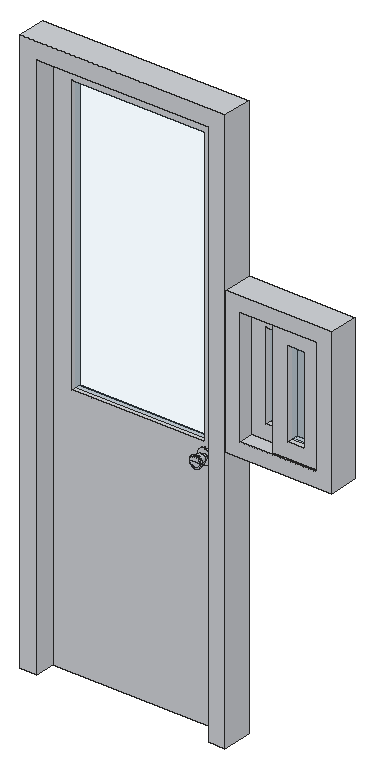
Revit family "D8_鋁門1", category 門, Revit 2014
Parameters (values of type "90 x 210 cm 2")
  玻璃 = 玻璃
  熱阻 (R) = 0.270117 (m²·K)/W
  Visual Light Transmittance = 0
  Solar Heat Gain Coefficient = 0
  營造類型 Id = "MDOOR"
  關鍵註記 = "單開門-矩形"
  傳熱係數 (U) = 3.7021 W/(m²·K)
  功能 = 室內
  門扇材料 = none
  門扇寬度 = Width - 2 * 開門側框寬度  # 750 mm
  門扇厚度 = 40 mm
  Assembly Code = ""
  Rough Height = Height  # 2350 mm
  Rough Width = Width  # 850 mm
  框架深度 = 120 mm
  框擋板寬度 = 門扇厚度 / 2  # 20 mm
  框總寬度 [instance] = 開門側框寬度 + 框擋板寬度  # 70 mm
  Height = 2350 mm
  牆封閉 = 依主體
  框架材料 = none
  開門側框寬度 = 50 mm
  握把五金 = none
  Width = 850 mm
  操作 = "左單開門方向"
  解析營造 = "金屬"
Reference planes
  plane 1: y = -210
  plane 2 "中心 (左/右)": x = 0
  plane 3 "左": x = -425
  plane 4 "右": x = 425
  plane 5: z = 2350
  plane 6 "外部": y = -135
  plane 7 "內部": y = -285
  plane 8: y = 320
  plane 9: y = -740
  plane 10: z = 1050
Forms (mm)
  Sweep 1, solid, material <- "框架材料"
    path origin (-5000, -210, 0) x (-1, 0, 0) y (0, 0, 1)
      loop
        line (-5425, 0) -> (-5425, 2350) -> (-4575, 2350) -> (-4575, 0)
    profile origin (425, -210, 1175) x (1, 0, 0) y (0, 1, 0)
      loop
        line (0, 60) -> (-50, 60) -> (-50, 20) -> (-70, 20) -> (-70, -60) -> (0, -60) -> (0, 60)
  Extrusion 2, solid, material <- "門扇材料"
    sketch origin (-5000, -210, 0) x (1, 0, 0) y (0, 0, 1)
      loop
        line (4625, 2300) -> (4625, 0) -> (5375, 0) -> (5375, 2300) -> (4625, 2300)
      loop
        line (5275, 1050) -> (5275, 2200) -> (4725, 2200) -> (4725, 1050) -> (5275, 1050)
    from -60 to -20
  Extrusion 3, solid, material "玻璃" <- "玻璃"
    sketch origin (-5000, -210, 0) x (1, 0, 0) y (0, 0, 1)
      loop
        line (5275, 2200) -> (4725, 2200) -> (4725, 1050) -> (5275, 1050) -> (5275, 2200)
    from -55 to -35
Lines and regions (mm)
  Opening 1
    outline origin (-3050, -285, 0) x (1, 0, 0) y (0, 0, 1)
      loop
        line (2625, 0) -> (3475, 0) -> (3475, 2350) -> (2625, 2350) -> (2625, 0)
  symbolic lines, style "Doors"
    curve 1: line (-375, -150, 0) -> (-335, -150, 0)
    curve 2: line (-375, 600, 0) -> (-375, -150, 0)
    curve 3: line (-335, 600, 0) -> (-375, 600, 0)
    curve 4: line (-335, -150, 0) -> (-335, 600, 0)
  symbolic lines, style "平面圖打開方向"
    curve 5: arc (375, -150, 0) -> (169.289, 365.994, 0) -> (-335, 598.933, 0) r 750
  symbolic lines, style "DoorsFrameMullionProjection"
    curve 6: line (-375, -150, 0) -> (-425, -150, 0)
    curve 7: line (-375, -270, 0) -> (-375, -150, 0)
    curve 8: line (-425, -270, 0) -> (-375, -270, 0)
    curve 9: line (-425, -150, 0) -> (-425, -270, 0)
    curve 10: line (375, -150, 0) -> (425, -150, 0)
    curve 11: line (375, -270, 0) -> (375, -150, 0)
    curve 12: line (425, -270, 0) -> (375, -270, 0)
    curve 13: line (425, -150, 0) -> (425, -270, 0)
  symbolic lines, style "立面圖打開方向"
    curve 14: line (-425, -285, 1050) -> (425, -285, 0)
    curve 15: line (-425, -135, 1050) -> (425, -135, 2350)
  model lines
    curve 16: line (275, -190, 950) -> (-275, -190, 950)
    curve 17: line (275, -190, 100) -> (275, -190, 950)
    curve 18: line (-275, -190, 100) -> (275, -190, 100)
    curve 19: line (-275, -190, 950) -> (-275, -190, 100)
    curve 20: line (-217.778, -190, 950) -> (-217.778, -190, 100)
    curve 21: line (-160.556, -190, 950) -> (-160.556, -190, 100)
    curve 22: line (-103.333, -190, 950) -> (-103.333, -190, 100)
    curve 23: line (-46.111, -190, 950) -> (-46.111, -190, 100)
    curve 24: line (11.111, -190, 950) -> (11.111, -190, 100)
    curve 25: line (68.333, -190, 950) -> (68.333, -190, 100)
    curve 26: line (125.556, -190, 950) -> (125.556, -190, 100)
    curve 27: line (182.778, -190, 950) -> (182.778, -190, 100)
    curve 28: line (240, -190, 950) -> (240, -190, 100)
    curve 29: line (275, -150, 950) -> (-275, -150, 950)
    curve 30: line (275, -150, 100) -> (275, -150, 950)
    curve 31: line (-275, -150, 100) -> (275, -150, 100)
    curve 32: line (-275, -150, 950) -> (-275, -150, 100)
    curve 33: line (-240, -150, 950) -> (-240, -150, 100)
    curve 34: line (-180, -150, 950) -> (-180, -150, 100)
    curve 35: line (-120, -150, 950) -> (-120, -150, 100)
    curve 36: line (-60, -150, 950) -> (-60, -150, 100)
    curve 37: line (0, -150, 950) -> (0, -150, 100)
    curve 38: line (60, -150, 950) -> (60, -150, 100)
    curve 39: line (120, -150, 950) -> (120, -150, 100)
    curve 40: line (180, -150, 950) -> (180, -150, 100)
    curve 41: line (240, -150, 950) -> (240, -150, 100)
Text (mm)
  text "外部" at (-2295.016, 1099.543, 0), in view "參考樓層"
  text "外部" at (0, 1615.38, 3698.081), in view "左"
  text "外部" at (0, 1036.032, 3874.932), in view "右"
Dimensions and locks
  equal spacing: plane 3 "左", plane 2 "中心 (左/右)", plane 4 "右"
  "Width": plane 3 "左" to plane 4 "右"
  "Height": plane 5 to host wall
  host wall to plane 5 = 2350 mm  (x2)
  locked: plane 6 "外部" to host wall at 0
  locked: plane 7 "內部" to host wall
  equal spacing: Sweep 1 sketch curve, host wall, Sweep 1 sketch curve
  "框架深度": Sweep 1 sketch curve to Sweep 1 sketch curve
  "門扇厚度": Sweep 1 sketch curve to Sweep 1 sketch curve
  "開門側框寬度": Sweep 1 sketch curve to Sweep 1 sketch curve
  "框擋板寬度": Sweep 1 sketch curve to Sweep 1 sketch curve
  "Width": Sweep 1 sketch curve to Sweep 1 sketch curve
  "門扇厚度": curve 2 to curve 4
  "門扇寬度": curve 3 to curve 1
  "開門側框寬度": curve 11 to Sweep 1
  "開門側框寬度": curve 9 to curve 7
  equal spacing: Sweep 1, host wall, Sweep 1  (x2)
  "框架深度": Sweep 1 to Sweep 1  (x2)
  equal spacing: curve 6, plane 1, curve 8
  "框架深度": curve 6 to curve 8
  equal spacing: curve 12, plane 1, curve 10
  "框架深度": curve 12 to curve 10
  locked: nested 2 to Sweep 1 at 75
  locked: nested 1 to Sweep 1 at 75
  equal spacing: plane 8, plane 1, plane 9
  plane 8 to plane 9 = 1060 mm
  "門扇厚度": Extrusion 2 to Extrusion 2
  equal spacing: group 2, group 3, group 4, group 5, group 6, group 7, group 8, group 9, group 10, group 11  (x3)
  "門扇寬度": radius of curve 5
  aligned and locked: plane 3 "左" to Opening 1 sketch curve
  aligned and locked: plane 5 to Opening 1 sketch curve  (x2)
  aligned and locked: Opening 1 sketch curve to plane 4 "右"
  aligned and locked: Opening 1 sketch curve to level
  aligned and locked: plane 1 to host wall
  aligned and locked: Sweep 1 to Extrusion 2 sketch curve
  aligned and locked: Extrusion 2 sketch curve to Sweep 1  (x2)
  aligned and locked: level to Extrusion 2 sketch curve
  aligned and locked: Extrusion 2 to Sweep 1
  aligned and locked: nested 1 to Extrusion 2
  aligned and locked: Extrusion 2 to nested 2
  aligned and locked: plane 4 "右" to curve 15
  aligned and locked: plane 5 to curve 15
  aligned and locked: level to curve 14
  aligned and locked: plane 4 "右" to curve 14
  aligned and locked: plane 10 to curve 15
  aligned and locked: plane 3 "左" to curve 15
  aligned and locked: curve 14 to curve 15
  aligned and locked: plane 10 to Extrusion 2
  aligned and locked: Extrusion 2 to curve 32
  aligned and locked: Extrusion 2 to curve 19
  aligned and locked: nested 5 to Sweep 1
Automatic sketch dimensions
  curve 14 to plane 10 = 0 mm
  plane 4 "右" to Sweep 1 sketch curve = 0 mm
  Sweep 1 sketch curve to plane 5 = 0 mm
  Sweep 1 sketch curve to level = 0 mm  (x2)
  Sweep 1 sketch curve to profile plane = 0 mm
  curve 9 to plane 3 "左" = 0 mm
  curve 13 to plane 4 "右" = 0 mm
  Extrusion 2 sketch curve to plane 10 = 0 mm
  Extrusion 2 sketch curve to plane 3 "左" = 150 mm
  plane 5 to Extrusion 2 sketch curve = 150 mm
  Extrusion 2 sketch curve to Extrusion 2 sketch curve = 100 mm
  Extrusion 3 sketch curve to plane 10 = 0 mm
  Extrusion 3 sketch curve to plane 3 "左" = 150 mm
  plane 5 to Extrusion 3 sketch curve = 150 mm
  plane 4 "右" to Extrusion 3 sketch curve = 150 mm
  Extrusion 2 to curve 18 = 0 mm  (x2)
  curve 18 to Extrusion 2 = 100 mm
  Extrusion 2 to curve 16 = 0 mm
  curve 17 to Extrusion 2 = 100 mm
  plane 4 "右" to curve 31 = 150 mm
  curve 30 to plane 10 = 100 mm
  curve 31 to plane 3 "左" = 150 mm
  curve 29 to plane 3 "左" = 150 mm
  level to curve 30 = 100 mm
Nested families
  nested 1: "喇叭鎖" at (355, -190, 0) x (-1, 0, 0) z (0, 0, 1), type "喇叭鎖"
  nested 2: "喇叭鎖" at (355, -150, 0) x (-1, 0, 0) z (0, 0, 1), type "喇叭鎖"
  nested 3: "喇叭鎖" at (365, 60, 1000), type "喇叭鎖", not visible
  nested 4: "喇叭鎖" at (365, 20, 1000), type "喇叭鎖", not visible
  nested 5: "雙開窗- (1)" at (645, -390, 0) x (-1, 0, 0) z (0, 0, 1), type "44 x 60 cm"
    with Height 600 mm, 預設窗台高度 1100 mm, Rough Height 600 mm, Rough Width 440 mm, Width 440 mm
Definition of nested family "喇叭鎖"
  Parameters (values of type "喇叭鎖")
    Assembly Code = ""
    握把高度 = 1000 mm
    握把與版面側邊距離 = 75 mm
    握把五金 = none
  Reference planes
    plane 1 "中心 (前/後)": y = 0
    plane 2: z = 0
    plane 3 "中心 (左/右)": x = 0
    plane 4: x = 75
  Forms (mm)
    Revolve 1, solid, material <- "握把五金"
      sketch origin (511.236, -60, 1000) x (1, 0, 0) y (0, 1, 0)
        loop
          line (-436.236, 60) -> (-406.236, 60) -> (-406.236, 66) -> (-426.236, 66) -> (-426.236, 85) -> (-417.636, 85) -> (-411.236, 109.7) -> (-411.236, 113.2) -> (-415.736, 115) -> (-436.236, 115) -> (-436.236, 60)
        axis (-436.236, 60) -> (-436.236, 115)
      angle from 0 to 360
  Dimensions and locks
    "握把與版面側邊距離": plane 3 "中心 (左/右)" to plane 4
    "握把高度": Revolve 1 to level
  Automatic sketch dimensions
    plane 3 "中心 (左/右)" to Revolve 1 sketch curve = 75 mm  (x2)
    Revolve 1 sketch curve to plane 1 "中心 (前/後)" = 0 mm
    plane 3 "中心 (左/右)" to Revolve 1 sketch curve = 85 mm
    Revolve 1 sketch curve to Revolve 1 sketch curve = 8.6 mm
    plane 3 "中心 (左/右)" to Revolve 1 sketch curve = 95.5 mm
    Revolve 1 sketch curve to Revolve 1 sketch curve = 4.5 mm
    Revolve 1 sketch curve to Revolve 1 sketch curve = 20 mm
    plane 1 "中心 (前/後)" to Revolve 1 sketch curve = 60 mm
    Revolve 1 sketch curve to Revolve 1 sketch curve = 6 mm
    Revolve 1 sketch curve to Revolve 1 sketch curve = 19 mm
    Revolve 1 sketch curve to Revolve 1 sketch curve = 24.7 mm
    Revolve 1 sketch curve to Revolve 1 sketch curve = 3.5 mm
    Revolve 1 sketch curve to Revolve 1 sketch curve = 1.8 mm
    Revolve 1 sketch curve to Revolve 1 sketch curve = 200 mm
Definition of nested family "雙開窗- (1)"
  Parameters (values of type "100 x 150 cm")
    Visual Light Transmittance = 0.9
    Solar Heat Gain Coefficient = 0.78
    Construction Type Id = ""
    Height = 1500 mm
    Heat Transfer Coefficient (U) = 3.6886 W/(m²·K)
    預設窗台高度 = 900 mm
    Keynote = "雙開窗"
    Rough Height = Height  # 1500 mm
    Rough Width = Width  # 1000 mm
    裝飾外框寬度 = 60 mm
    玻璃材質 = none
    Wall Closure = (empty or 0)
    裝飾外框材料 = none
    裝飾外框厚度 = 120 mm
    Width = 1000 mm
    Operation = "垂直雙重面板"
    內部框架材料 = none
    內框寬度 = 60 mm
    內框厚度 = 50 mm
    Analytic Construction = (empty or 0)
  Reference planes
    plane 1: y = -180
    plane 2 "中心 (左/右)": x = 0
    plane 3 "左": x = -500
    plane 4 "右": x = 500
    plane 5 "窗台": z = 900
    plane 6 "窗頂": z = 2400
    plane 7 "外部": y = -105
    plane 8 "內部": y = -255
    plane 9: x = -30
    plane 10: x = 30
    plane 11: y = -120
    plane 12: y = -240
    plane 13: x = -440
    plane 14: x = 440
    plane 15: z = 2340
    plane 16: z = 960
  Forms (mm)
    Extrusion 1, solid, material <- "裝飾外框材料"
      sketch origin (0, -180, 0) x (1, 0, 0) y (0, 0, 1)
        loop
          line (-500, 2400) -> (-500, 900) -> (500, 900) -> (500, 2400) -> (-500, 2400)
        loop
          line (-440, 2340) -> (-440, 960) -> (440, 960) -> (440, 2340) -> (-440, 2340)
      from 60 to -60
  Lines and regions (mm)
    Opening 1
      outline origin (3442.648, -255, 0) x (1, 0, 0) y (0, 0, 1)
        loop
          line (-2942.648, 900) -> (-2942.648, 2400) -> (-3942.648, 2400) -> (-3942.648, 900) -> (-2942.648, 900)
  Text (mm)
    text "外部" at (-1963.203, 1332.353, 0), in view "參考樓層"
    text "內部" at (-1981.466, -818.386, 0), in view "參考樓層"
    text "外部" at (0, 923.751, 2943.296), in view "右"
    text "外部" at (0, 1040.484, 2685.409), in view "左"
  Dimensions and locks
    equal spacing: plane 3 "左", plane 2 "中心 (左/右)", plane 4 "右"
    "Width": plane 3 "左" to plane 4 "右"
    "Height": plane 5 "窗台" to plane 6 "窗頂"
    "預設窗台高度": plane 5 "窗台" to level
    locked: plane 7 "外部" to host wall at 0
    locked: plane 8 "內部" to host wall
    equal spacing: plane 9, plane 2 "中心 (左/右)", plane 10
    "內框寬度": plane 9 to plane 10
    equal spacing: plane 11, plane 1, plane 12
    "裝飾外框厚度": plane 11 to plane 12
    "裝飾外框寬度": plane 6 "窗頂" to plane 15
    "裝飾外框寬度": plane 16 to plane 5 "窗台"
    "裝飾外框寬度": plane 3 "左" to plane 13
    "裝飾外框寬度": plane 14 to plane 4 "右"
    aligned and locked: plane 1 to nested 1
    aligned and locked: plane 1 to nested 2
    aligned and locked: nested 1 to plane 10
    aligned and locked: nested 2 to plane 9
    aligned and locked: plane 1 to host wall
    aligned and locked: host wall to Extrusion 1 sketch curve
    aligned and locked: Extrusion 1 sketch curve to host wall  (x3)
    aligned and locked: Opening 1 sketch curve to plane 6 "窗頂"
    aligned and locked: Opening 1 sketch curve to plane 4 "右"
    aligned and locked: Opening 1 sketch curve to plane 5 "窗台"
    aligned and locked: Opening 1 sketch curve to plane 3 "左"
    aligned and locked: Extrusion 1 sketch curve to plane 15
    aligned and locked: plane 13 to Extrusion 1 sketch curve
    aligned and locked: Extrusion 1 sketch curve to plane 14
    aligned and locked: plane 16 to Extrusion 1 sketch curve
    aligned and locked: plane 15 to nested 2
    aligned and locked: plane 16 to nested 2
    aligned and locked: nested 1 to plane 15
    aligned and locked: nested 1 to plane 16
    aligned and locked: nested 1 to plane 13
    aligned and locked: plane 14 to nested 2
    aligned and locked: plane 11 to Extrusion 1
    aligned and locked: Extrusion 1 to plane 12
  Nested families
    nested 1: "窗框" at (-504.928, -1099.367, -40), type "窗框"
      with Height 1380 mm, Width 535 mm
    nested 2: "窗框" at (-29.928, 739.367, -40), type "窗框"
      with Height 1380 mm, Width 535 mm
  Definition of nested family "窗框"
    Parameters (values of type "窗框")
      Height [instance] = 500 mm
      護桿寬度 = 20 mm
      護桿厚度 = 10 mm
      Rough Height = 500 mm
      Rough Width = 600 mm
      Width [instance] = 600 mm
      裝飾外框材料 = none
      玻璃材質 = none
      玻璃厚度 = 10 mm
      裝飾外框寬度 = 60 mm
      裝飾外框厚度 = 50 mm
      Assembly Code = ""
    Reference planes
      plane 1 "中心 (前/後)": y = -919.367
      plane 2: z = 0
      plane 3 "中心 (左/右)": x = 267.428
      plane 4 "玻璃-上": y = -939.367
      plane 5 "玻璃-下": y = -949.367
      plane 6: y = -969.367
      plane 7: x = -32.572
      plane 8: x = 567.428
      plane 9: x = 27.428
      plane 10: x = 507.428
      plane 11: z = 1440
      plane 12: z = 1500
      plane 13: z = 1060
      plane 14: z = 1000
      plane 15: y = -944.367
    Forms (mm)
      Extrusion 1, solid, material <- "玻璃材質"
        sketch origin (-1499.274, -944.367, 1200) x (-1, 0, 0) y (0, 0, 1)
          loop
            line (-1526.702, 240) -> (-2006.702, 240) -> (-2006.702, -140) -> (-1526.702, -140) -> (-1526.702, 240)
        from -5 to 5
      Extrusion 2, solid, material <- "裝飾外框材料"
        sketch origin (-1499.274, -944.367, 1200) x (-1, 0, 0) y (0, 0, 1)
          loop
            line (-1466.702, 300) -> (-2066.702, 300) -> (-2066.702, -200) -> (-1466.702, -200) -> (-1466.702, 300)
          loop
            line (-1526.702, 240) -> (-2006.702, 240) -> (-2006.702, -140) -> (-1526.702, -140) -> (-1526.702, 240)
        from -25 to 25
    Dimensions and locks
      equal spacing: plane 10, plane 3 "中心 (左/右)", plane 9
      "裝飾外框寬度": plane 8 to plane 10
      "裝飾外框寬度": plane 9 to plane 7
      "裝飾外框寬度": plane 12 to plane 11
      "Width": plane 8 to plane 7
      "裝飾外框寬度": plane 13 to plane 14
      "Height": plane 12 to plane 14
      plane 14 to level = 1000 mm
      equal spacing: plane 4 "玻璃-上", plane 15, plane 5 "玻璃-下"
      "玻璃厚度": plane 4 "玻璃-上" to plane 5 "玻璃-下"
      equal spacing: plane 6, plane 15, plane 1 "中心 (前/後)"
      "裝飾外框厚度": plane 6 to plane 1 "中心 (前/後)"
      aligned and locked: Extrusion 1 sketch curve to plane 11
      aligned and locked: plane 9 to Extrusion 1 sketch curve
      aligned and locked: Extrusion 1 sketch curve to plane 10
      aligned and locked: plane 13 to Extrusion 1 sketch curve
      aligned and locked: plane 7 to Extrusion 2 sketch curve
      aligned and locked: Extrusion 2 sketch curve to plane 12
      aligned and locked: Extrusion 2 sketch curve to plane 8
      aligned and locked: plane 9 to Extrusion 2 sketch curve
      aligned and locked: plane 13 to Extrusion 2 sketch curve
      aligned and locked: Extrusion 2 sketch curve to plane 10
      aligned and locked: Extrusion 2 sketch curve to plane 11
      aligned and locked: Extrusion 2 sketch curve to plane 14
      aligned and locked: plane 2 to level
      aligned and locked: plane 6 to Extrusion 2
      aligned and locked: plane 1 "中心 (前/後)" to Extrusion 2
      aligned and locked: plane 5 "玻璃-下" to Extrusion 1
      aligned and locked: plane 4 "玻璃-上" to Extrusion 1
